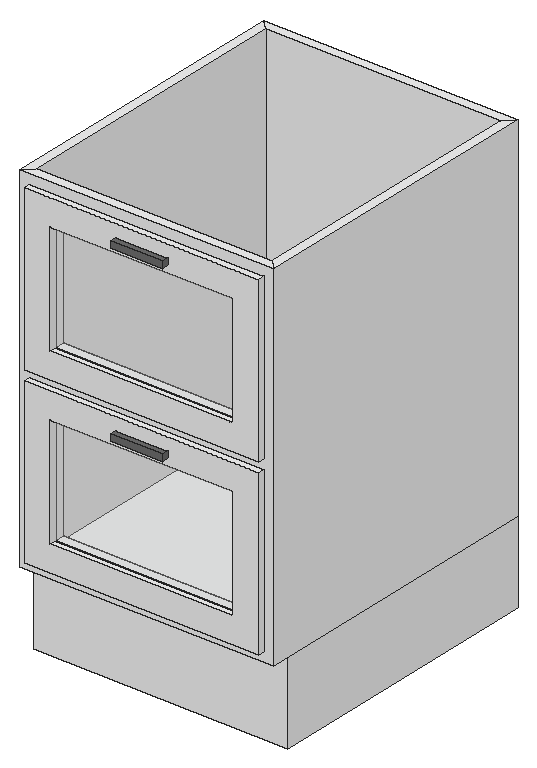
Revit family "Base Cabinet-2 Bin (M)", category 케이스워크, Revit 2026
Family settings
  작업 기준면 기반 = 아니오
  항상 수직 = 예
  로드될 때 보이드를 사용하여 절단 = 아니오
  공유 = 아니오
  룸 계산 점 = 아니오
Parameters (values of type "500mm")
  기본 높이 = 0 mm
  Cabinet Material = none
  깊이 = 600 mm
  Door/Drawer Material = none
  Handle Material = Cabinets - Handles
  높이 = 860 mm
  Panel Material = none
  Plinth Depth = 35 mm
  Plinth Height = 160 mm
  폭 = 500 mm
Types (3, lengths in mm): name | 폭
  (no name) | 500
  300mm | 300
  500mm | 500
Reference planes
  plane 1 "Back": y = 0
  plane 2: z = 0
  plane 3 "Center": x = 18.738
  plane 4 "Left": x = -231.262
  plane 5 "Right": x = 268.738
  plane 6 "Front": y = -600
  plane 7 "Top": z = 860
  plane 8: y = -565
  plane 9: z = 160
  plane 10: z = 840.95
  plane 11: z = 179.05
  plane 12: x = -212.212
  plane 13: x = 249.688
  plane 14: x = -32.062
  plane 15: x = 69.538
  plane 16: z = 815.55
  plane 17: z = 802.85
  plane 18: z = 510
  plane 19: x = 198.888
  plane 20: x = -161.412
  plane 21: z = 229.85
  plane 22: z = 449.675
  plane 23: z = 790.15
  plane 24: z = 570.325
  plane 25: z = 519.525
  plane 26: z = 500.475
  plane 27: z = 475.075
  plane 28: z = 462.375
Forms (mm)
  Extrusion 1, solid, material <- "Cabinet Material"
    sketch origin (0, 0, 0) x (1, 0, 0) y (0, 1, 0)
      loop
        line (-231.262, 0) -> (-231.262, -565) -> (268.738, -565) -> (268.738, 0) -> (-231.262, 0)
    from 0 to 160
  Sweep 2, solid, material <- "Cabinet Material"
    path origin (0, 0, 0) x (1, 0, 0) y (0, 1, 0)
      loop
        line (268.738, 0) -> (-231.262, 0) -> (-231.262, -600) -> (268.738, -600) -> (268.738, 0)
    profile origin (0, -300, 0) x (1, 0, 0) y (0, 0, 1)
      loop
        line (268.738, 160) -> (268.738, 860) -> (249.688, 860) -> (249.688, 160) -> (268.738, 160)
  Extrusion 3, solid, material <- "Cabinet Material"
    sketch origin (0, 0, 0) x (1, 0, 0) y (0, 1, 0)
      loop
        line (-212.212, -19.05) -> (-212.212, -580.95) -> (249.688, -580.95) -> (249.688, -19.05) -> (-212.212, -19.05)
    from 179.05 to 160
  Extrusion 4, void
    sketch origin (268.738, -600, 860) x (1, 0, 0) y (0, 0, -1)
      loop
        line (-430.15, 69.85) -> (-69.85, 69.85) -> (-69.85, 289.675) -> (-430.15, 289.675) -> (-430.15, 69.85)
      loop
        line (-430.15, 410.325) -> (-69.85, 410.325) -> (-69.85, 630.15) -> (-430.15, 630.15) -> (-430.15, 410.325)
    from 0 to 19.05
  Extrusion 5, solid, material <- "Panel Material"
    sketch origin (268.738, -600, 860) x (-1, 0, 0) y (0, 0, -1)
      loop
        line (430.15, 69.85) -> (430.15, 289.675) -> (69.85, 289.675) -> (69.85, 69.85) -> (430.15, 69.85)
      loop
        line (430.15, 410.325) -> (430.15, 630.15) -> (69.85, 630.15) -> (69.85, 410.325) -> (430.15, 410.325)
    from -19.05 to 0
  Extrusion 6, solid, material <- "Door/Drawer Material"
    sketch origin (0, -600, 0) x (1, 0, 0) y (0, 0, 1)
      loop
        line (-212.212, 840.95) -> (-212.212, 519.525) -> (249.688, 519.525) -> (249.688, 840.95) -> (-212.212, 840.95)
      loop
        line (-212.212, 500.475) -> (-212.212, 179.05) -> (249.688, 179.05) -> (249.688, 500.475) -> (-212.212, 500.475)
      loop
        line (-161.412, 790.15) -> (-161.412, 570.325) -> (198.888, 570.325) -> (198.888, 790.15) -> (-161.412, 790.15)
      loop
        line (-161.412, 449.675) -> (-161.412, 229.85) -> (198.888, 229.85) -> (198.888, 449.675) -> (-161.412, 449.675)
    from 0 to 12.7
  Extrusion 7, solid, material "Cabinets - Handles" <- "Handle Material"
    sketch origin (0, -600, 0) x (1, 0, 0) y (0, 0, 1)
      loop
        line (-32.062, 815.55) -> (-32.062, 802.85) -> (69.538, 802.85) -> (69.538, 815.55) -> (-32.062, 815.55)
      loop
        line (-32.062, 475.075) -> (-32.062, 462.375) -> (69.538, 462.375) -> (69.538, 475.075) -> (-32.062, 475.075)
    from 12.7 to 25.4
Cuts and joins
  Extrusion 4 cuts Extrusion 1
  Extrusion 4 cuts Sweep 2
  Extrusion 4 cuts Extrusion 3
Lines and regions (mm)
  symbolic lines, style "Plan Rep - Below"
    curve 1: line (268.738, -600, 0) -> (-231.262, -600, 0)
    curve 2: line (268.738, 0, 0) -> (268.738, -600, 0)
    curve 3: line (-231.262, 0, 0) -> (268.738, 0, 0)
    curve 4: line (-231.262, -600, 0) -> (-231.262, 0, 0)
  model lines
    curve 5: line (-212.212, -600, 840.95) -> (249.688, -600, 840.95)
    curve 6: line (249.688, -600, 840.95) -> (249.688, -600, 519.525)
    curve 7: line (-212.212, -600, 179.05) -> (-212.212, -600, 500.475)
    curve 8: line (-32.062, -600, 815.55) -> (69.538, -600, 815.55)
    curve 9: line (-32.062, -600, 802.85) -> (-32.062, -600, 815.55)
    curve 10: line (69.538, -600, 802.85) -> (-32.062, -600, 802.85)
    curve 11: line (69.538, -600, 815.55) -> (69.538, -600, 802.85)
    curve 12: line (-212.212, -600, 519.525) -> (249.688, -600, 519.525)
    curve 13: line (-212.212, -600, 500.475) -> (249.688, -600, 500.475)
    curve 14: line (249.688, -600, 500.475) -> (249.688, -600, 179.05)
    curve 15: line (-212.212, -600, 519.525) -> (-212.212, -600, 840.95)
    curve 16: line (249.688, -600, 179.05) -> (-212.212, -600, 179.05)
    curve 17: line (-32.062, -600, 475.075) -> (69.538, -600, 475.075)
    curve 18: line (-32.062, -600, 462.375) -> (-32.062, -600, 475.075)
    curve 19: line (69.538, -600, 462.375) -> (-32.062, -600, 462.375)
    curve 20: line (69.538, -600, 475.075) -> (69.538, -600, 462.375)
Dimensions and locks
  "깊이": plane 6 "Front" to plane 1 "Back"
  "폭": plane 4 "Left" to plane 5 "Right"
  equal spacing: plane 4 "Left", plane 3 "Center", plane 5 "Right"
  "높이": level to plane 7 "Top"
  "Plinth Height": plane 2 to plane 9
  "Plinth Depth": plane 6 "Front" to plane 8
  locked: plane 4 "Left" to plane 12 at 19.05
  locked: plane 13 to plane 5 "Right" at 19.05
  locked: plane 7 "Top" to plane 10 at 19.05
  locked: plane 11 to plane 9 at 19.05
  equal spacing: plane 10, plane 18, plane 11
  plane 21 to plane 11 = 50.8 mm
  plane 18 to plane 22 = 60.325 mm
  plane 12 to plane 20 = 50.8 mm
  plane 24 to plane 18 = 60.325 mm
  plane 10 to plane 23 = 50.8 mm
  plane 25 to plane 18 to plane 26 = 9.525 mm, 9.525 mm
  plane 10 to plane 16 to plane 17 = 25.4 mm, 12.7 mm
  plane 26 to plane 27 to plane 28 = 25.4 mm, 12.7 mm
  plane 14 to plane 3 "Center" to plane 15 = 50.8 mm locked, 50.8 mm locked
  locked: plane 19 to plane 13 at 50.8
  aligned and locked: plane 1 "Back" to Extrusion 1 sketch curve
  aligned and locked: Extrusion 1 sketch curve to plane 5 "Right"
  aligned and locked: Extrusion 1 sketch curve to plane 8
  aligned and locked: plane 4 "Left" to Extrusion 1 sketch curve
  aligned and locked: Extrusion 1 to level
  aligned and locked: Sweep 2 sketch curve to plane 6 "Front"
  aligned and locked: plane 1 "Back" to Sweep 2 sketch curve
  aligned and locked: Sweep 2 sketch curve to plane 5 "Right"  (x2)
  aligned and locked: plane 4 "Left" to Sweep 2 sketch curve
  aligned and locked: plane 7 "Top" to Sweep 2 sketch curve
  aligned and locked: Sweep 2 sketch curve to plane 9
  aligned and locked: Sweep 2 to Extrusion 3 sketch curve  (x2)
  aligned and locked: Extrusion 3 sketch curve to Sweep 2  (x2)
  aligned and locked: plane 11 to Extrusion 3
  aligned and locked: plane 9 to Extrusion 3
  aligned and locked: Extrusion 1 to plane 9
  aligned and locked: plane 24 to Extrusion 4 sketch curve
  aligned and locked: Extrusion 4 sketch curve to plane 23
  aligned and locked: Extrusion 4 sketch curve to plane 20  (x2)
  aligned and locked: plane 19 to Extrusion 4 sketch curve  (x2)
  aligned and locked: Extrusion 4 sketch curve to plane 21
  aligned and locked: Extrusion 4 sketch curve to plane 22
  aligned and locked: cut or joined group of Sweep 2, Extrusion 4 to Extrusion 4
  aligned and locked: plane 6 "Front" to Extrusion 4
  aligned and locked: plane 23 to Extrusion 5 sketch curve
  aligned and locked: plane 21 to Extrusion 5 sketch curve
  aligned and locked: plane 20 to Extrusion 5 sketch curve  (x2)
  aligned and locked: Extrusion 5 sketch curve to plane 19  (x2)
  aligned and locked: Extrusion 5 sketch curve to plane 24
  aligned and locked: plane 22 to Extrusion 5 sketch curve
  aligned and locked: cut or joined group of Sweep 2, Extrusion 4 to Extrusion 5
  aligned and locked: plane 6 "Front" to Extrusion 5
Automatic sketch dimensions
  profile plane to Sweep 2 sketch curve = 19.05 mm
  curve 1 to plane 4 "Left" = 0 mm
  curve 3 to plane 1 "Back" = 0 mm
  curve 3 to plane 5 "Right" = 0 mm
  curve 1 to plane 6 "Front" = 0 mm
  curve 6 to plane 13 = 0 mm
  curve 12 to plane 25 = 0 mm
  curve 8 to plane 15 = 0 mm
  curve 19 to plane 15 = 0 mm
  curve 10 to plane 14 = 0 mm
  curve 17 to plane 14 = 0 mm
  curve 13 to plane 12 = 0 mm
  curve 12 to plane 12 = 0 mm
  curve 5 to plane 10 = 0 mm
  curve 8 to plane 16 = 0 mm
  curve 11 to plane 17 = 0 mm
  curve 13 to plane 26 = 0 mm
  curve 20 to plane 27 = 0 mm
  curve 20 to plane 28 = 0 mm
  curve 14 to plane 13 = 0 mm
  curve 16 to plane 11 = 0 mm
  Extrusion 6 sketch curve to plane 10 = 0 mm
  Extrusion 6 sketch curve to plane 12 = 0 mm  (x2)
  Extrusion 6 sketch curve to plane 11 = 0 mm
  Extrusion 6 sketch curve to plane 20 = 0 mm  (x2)
  Extrusion 6 sketch curve to plane 19 = 0 mm  (x2)
  Extrusion 6 sketch curve to plane 13 = 0 mm  (x2)
  Extrusion 6 sketch curve to plane 21 = 0 mm
  Extrusion 6 sketch curve to plane 22 = 0 mm
  Extrusion 6 sketch curve to plane 26 = 0 mm
  Extrusion 6 sketch curve to plane 25 = 0 mm
  Extrusion 6 sketch curve to plane 24 = 0 mm
  Extrusion 6 sketch curve to plane 23 = 0 mm
  Extrusion 7 sketch curve to plane 14 = 0 mm  (x2)
  Extrusion 7 sketch curve to plane 15 = 0 mm  (x2)
  Extrusion 7 sketch curve to plane 28 = 0 mm
  Extrusion 7 sketch curve to plane 27 = 0 mm
  Extrusion 7 sketch curve to plane 17 = 0 mm
  Extrusion 7 sketch curve to plane 16 = 0 mm
